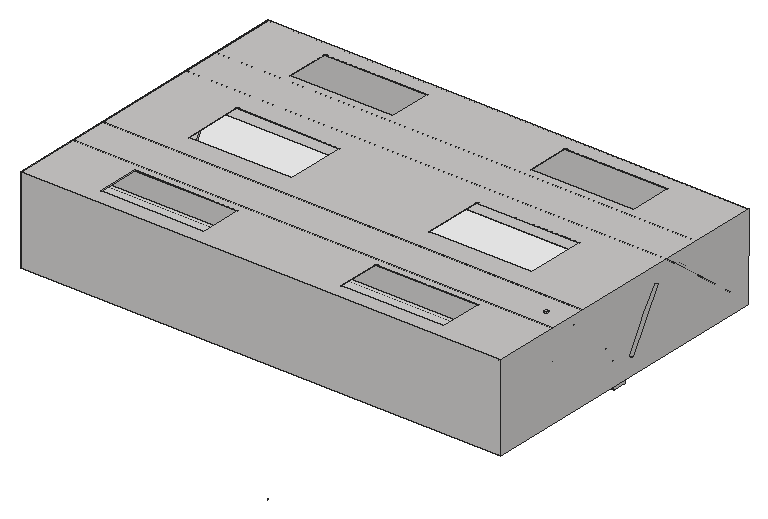
Revit family "QF_ELECTROLUXPROFESSIONAL_640236_STCF1828", category Attrezzature speciali, Revit 2021
Family settings
  Quota connettore circolare = Usa diametro
  Tipo di parte = Normale
  Basato su piano di lavoro = No
  Sempre verticale = Sì
  Taglio con vuoti quando caricato = No
  Condiviso = No
  Punto di calcolo locali = No
Parameters (values of type "Standard")
  Weight = 214.00 kg
  Watts = 480 W
  Volts = 220 V
  URL Manufacturer = "https://www.electroluxprofessional.com/"
  URL = "https://www.electroluxprofessional.com/"
  Steam Supply Size = 0 mm
  Steam Supply Minimum Pressure = 0.0 Pa
  Steam Supply Maximum Pressure = 0.0 Pa
  Steam Consumption per Hour = 0
  Refrigeration Suction Line Size = 0 mm
  Refrigeration Liquid Line Size = 0 mm
  Refrigerant Compressor Remote = yes
  Prospetto di default = 0 mm
  Produttore = "Electrolux Professional"
  Phase = 1
  Modello = "STCF1828"
  Length Actual = 2800 mm  # constant formula
  Item Number = "640236"
  Hot Water Size = 0 mm
  Height Actual = 500 mm  # constant formula
  HP = "0.6 HP"
  Gas Size = 0 mm
  Gas KW = 0
  Gas Input Pressure = 0 W
  Direct Waste Size = 0 mm
  Descrizione = "304 S/S ISLAND HOOD+FILT.+LAMPS 280X180"
  Depth Actual = 1800 mm  # constant formula
  Cycle = 50 Hz
  Condensate Return Size = 0 mm
  Compressed Air Volume = 0.0 L/s
  Compressed Air Size = 0 mm
  Compressed Air Pressure = 0.0 Pa
  Cold Water Size = 0 mm
  Accessory = yes
Reference planes
  plane 1: z = 0
  plane 2 "Center (Left/Right)": x = 150
  plane 3 "LEFT": x = -1250
  plane 4 "RIGHT": x = 1550
  plane 5 "BACK": y = 550
  plane 6 "TOP": z = 2500
  plane 7 "Base": z = 2000
  plane 8: z = 1955
  plane 9: x = -1247
  plane 10 "DrainX": x = 1430
  plane 11 "AOLeft2": x = -250
  plane 12 "AORight1": x = 550
  plane 13: x = 1547
  plane 14: x = -1050
  plane 15: x = 1350
  plane 16 "Center (Front/Back)": y = -350
  plane 17 "Front": y = -1250
  plane 18 "AOLeft1": x = -850
  plane 19 "AORight2": x = 1150
  plane 20 "EI_y": y = -770
  plane 21 "EIx": x = 1430
  plane 22: y = 464
  plane 23: y = 214
  plane 24: y = -1164
  plane 25: y = -914
  plane 26: y = -175
  plane 27: y = -525
Forms (mm)
  Extrusion 1, solid, material "QF_Finishes_Stainless Steel"
    sketch origin (-1250, 0, 360) x (0, 1, 0) y (0, 0, 1)
      loop
        line (550, 1640) -> (550, 2140) -> (-1250, 2140) -> (-1250, 1640) -> (550, 1640)
    from 0 to 3
  Extrusion 2, solid, material "QF_Finishes_Stainless Steel"
    sketch origin (1550, 0, 360) x (0, 1, 0) y (0, 0, 1)
      loop
        line (550, 1640) -> (550, 2140) -> (-1250, 2140) -> (-1250, 1640) -> (550, 1640)
    from 0 to -3
  Extrusion 3, solid, material "QF_Finishes_Stainless Steel"
    sketch origin (150, 0, 360) x (0, 1, 0) y (0, 0, 1)
      loop
        line (-1250, 2140) -> (-1250, 1640) -> (-1240, 1640) -> (-1240, 1640.8) -> (-1249.2, 1640.8) -> (-1249.2, 2139.19) -> (549.2, 2139.19) -> (549.2, 1640.8) -> (540, 1640.8) -> (540, 1640) -> (550, 1640) -> (550, 2140) -> (-1250, 2140)
    from -1400 to 1400
  Extrusion 4, solid, material "QF_Finishes_Stainless Steel"
    sketch origin (0, -840, 2000) x (0, 1, 0) y (-1, 0, 0)
      loop
        circle (490, -1430) r 4.763
    from -30 to 0
  Extrusion 5, void
    sketch origin (0, 0, 2500) x (0, 1, 0) y (-1, 0, 0)
      loop
        line (-1164, 250) -> (-914, 250) -> (-914, 850) -> (-1164, 850) -> (-1164, 250)
    from 0 to -10
  Extrusion 6, solid, material "QF_Finishes_Stainless Steel"
    sketch origin (0, 0, 0) x (1, 0, 0) y (0, 1, 0)
      loop
        line (-1250, 550) -> (-1250, 549) -> (-1249, 549) -> (-1249, 550) -> (-1250, 550)
    from 0 to 1
  Sweep 7, solid, material "QF_Finishes_Stainless Steel"
    path origin (0, 0, 0) x (1, 0, 0) y (0, 1, 0)
      loop
        line (1550, 550) -> (-1250, 550) -> (-1250, -1250) -> (1550, -1250) -> (1550, 550)
    profile origin (1550, -350, 0) x (1, 0, 0) y (0, 0, 1)
      loop
        line (-3, 2000) -> (-3, 2000.8) -> (-19, 2000.8) -> (-19, 2010) -> (-20, 2010) -> (-20, 2000) -> (-3, 2000)
  Extrusion 8, solid, material "QF_Finishes_Stainless Steel"
    sketch origin (150, -826.94, 0) x (0, 1, 0) y (0, 0, 1)
      loop
        line (414.66, 2095.469) -> (440.643, 2110.471) -> (261.744, 2411.771) -> (235.948, 2396.455) -> (414.66, 2095.469)
    from -1397 to -1200
  Extrusion 9, void
    sketch origin (1134.605, 0, 2500) x (0, 1, 0) y (-1, 0, 0)
      loop
        line (-1164, -15.395) -> (-914, -15.395) -> (-914, 584.605) -> (-1164, 584.605) -> (-1164, -15.395)
    from 0 to -10
  Extrusion 10, solid, material "QF_Finishes_Stainless Steel"
    sketch origin (1430, -840, 0) x (0, 1, 0) y (0, 0, 1)
      loop
        line (539, 2000) -> (441, 2000) -> (441, 1989) -> (448.5, 1989) -> (448.5, 1965)
        arc (448.5, 1965) -> (451.429, 1957.929) -> (458.5, 1955) r 10
        line (458.5, 1955) -> (521.5, 1955)
        arc (521.5, 1955) -> (528.571, 1957.929) -> (531.5, 1965) r 10
        line (531.5, 1965) -> (531.5, 1989) -> (539, 1989) -> (539, 2000)
    from 90 to -90
  Extrusion 11, solid, material "QF_Finishes_Stainless Steel"
    sketch origin (150, -826.94, 0) x (0, 1, 0) y (0, 0, 1)
      loop
        line (414.66, 2095.469) -> (440.643, 2110.471) -> (261.744, 2411.771) -> (235.948, 2396.455) -> (414.66, 2095.469)
    from 1200 to 1397
  Extrusion 12, solid, material "QF_Finished_Chrome"
    sketch origin (150, -826.94, 0) x (0, 1, 0) y (0, 0, 1)
      loop
        line (414.66, 2095.469) -> (440.643, 2110.471) -> (261.744, 2411.771) -> (235.948, 2396.455) -> (414.66, 2095.469)
    from -1200 to 1200
  Extrusion 13, void
    sketch origin (0, 1180, 2500) x (0, 1, 0) y (-1, 0, 0)
      loop
        line (-1355, 250) -> (-1355, 850) -> (-1705, 850) -> (-1705, 250) -> (-1355, 250)
    from 0 to -10
  Extrusion 14, void
    sketch origin (1600, 1180, 2500) x (0, 1, 0) y (-1, 0, 0)
      loop
        line (-1355, 450) -> (-1355, 1050) -> (-1705, 1050) -> (-1705, 450) -> (-1355, 450)
    from 0 to -10
  Extrusion 15, solid, material "QF_Finishes_Stainless Steel"
    sketch origin (0, 0, 2500) x (0, 1, 0) y (-1, 0, 0)
      loop
        circle (-770, -1430) r 10
    from 0 to 1.6
  Extrusion 16, solid, material "QF_Finishes_Stainless Steel"
    sketch origin (150, -826.94, 360) x (0, 1, 0) y (0, 0, 1)
      loop
        line (430.005, 1640) -> (476.94, 1640) -> (476.94, 1640.8) -> (430.467, 1640.8) -> (371.906, 1742.23) -> (414.858, 1734.657) -> (442.266, 1750.481) -> (442.266, 1765.943) -> (441.466, 1765.943) -> (441.466, 1750.943) -> (414.709, 1735.495) -> (321.153, 1751.991) -> (320.875, 1750.416) -> (371.4, 1741.507) -> (430.005, 1640)
      loop
        line (172.529, 2139.19) -> (242.893, 2017.316) -> (245.133, 2018.715) -> (240.13, 2027.381) -> (238.569, 2026.405) -> (173.453, 2139.19) -> (172.529, 2139.19)
    from -1397 to 1397
  Extrusion 17, solid, material "QF_LAMPS"
    sketch origin (150, 0, 360) x (0, 1, 0) y (0, 0, 1)
      loop
        line (-872.823, 1962.324) -> (-718.948, 2086.929) -> (-727.129, 2097.032) -> (-881.003, 1972.426) -> (-872.823, 1962.324)
    from 1397 to -1397
  Extrusion 18, solid, material "QF_Finishes_Stainless Steel"
    sketch origin (150, 0, 360) x (0, 1, 0) y (0, 0, 1)
      loop
        line (-1250, 2139.19) -> (-1250, 1640) -> (-1186.602, 1640) -> (-1099.146, 1690.493) -> (-1110.058, 1709.394) -> (-1166.564, 1676.77) -> (-1214.704, 1680.982) -> (-1249.2, 1730.248) -> (-1249.2, 2139.19) -> (-1250, 2139.19)
      loop
        line (-873.6, 1961.694) -> (-881.937, 1971.99) -> (-869.095, 1982.182) -> (-869.095, 2139.19) -> (-869.895, 2139.19) -> (-869.895, 1982.569) -> (-1182.298, 1734.63) -> (-1171.091, 1720.79) -> (-873.6, 1961.694)
      loop
        line (-727.61, 2099.216) -> (-718.171, 2087.559) -> (-654.411, 2139.19) -> (-655.682, 2139.19) -> (-718.052, 2088.684) -> (-726.989, 2099.719) -> (-727.61, 2099.216)
    from -1397 to 1397
  Extrusion 19, solid, material "QF_Finishes_Stainless Steel"
    sketch origin (150, 126.94, 360) x (0, -1, 0) y (0, 0, -1)
      loop
        line (430.005, -1640) -> (371.4, -1741.507) -> (320.875, -1750.416) -> (321.153, -1751.991) -> (414.709, -1735.495) -> (441.466, -1750.943) -> (441.466, -1765.943) -> (442.266, -1765.943) -> (442.266, -1750.481) -> (414.858, -1734.657) -> (371.906, -1742.23) -> (430.467, -1640.8) -> (476.94, -1640.8) -> (476.94, -1640) -> (430.005, -1640)
      loop
        line (172.529, -2139.19) -> (173.453, -2139.19) -> (238.569, -2026.405) -> (240.13, -2027.381) -> (245.133, -2018.715) -> (242.893, -2017.316) -> (172.529, -2139.19)
    from -1397 to 1397
  Extrusion 20, solid, material "QF_LAMPS"
    sketch origin (150, -700, 360) x (0, -1, 0) y (0, 0, -1)
      loop
        line (-872.823, -1962.324) -> (-881.003, -1972.426) -> (-727.129, -2097.032) -> (-718.948, -2086.929) -> (-872.823, -1962.324)
    from 1397 to -1397
  Extrusion 21, solid, material "QF_Finishes_Stainless Steel"
    sketch origin (150, -700, 360) x (0, -1, 0) y (0, 0, -1)
      loop
        line (-1250, -2139.19) -> (-1249.2, -2139.19) -> (-1249.2, -1730.248) -> (-1214.704, -1680.982) -> (-1166.564, -1676.77) -> (-1110.058, -1709.394) -> (-1099.146, -1690.493) -> (-1186.602, -1640) -> (-1250, -1640) -> (-1250, -2139.19)
      loop
        line (-873.6, -1961.694) -> (-1171.091, -1720.79) -> (-1182.298, -1734.63) -> (-869.895, -1982.569) -> (-869.895, -2139.19) -> (-869.095, -2139.19) -> (-869.095, -1982.182) -> (-881.937, -1971.99) -> (-873.6, -1961.694)
      loop
        line (-727.61, -2099.216) -> (-726.989, -2099.719) -> (-718.052, -2088.684) -> (-655.682, -2139.19) -> (-654.411, -2139.19) -> (-718.171, -2087.559) -> (-727.61, -2099.216)
    from -1397 to 1397
  Extrusion 22, solid, material "QF_Finishes_Stainless Steel"
    sketch origin (150, 126.94, 0) x (0, -1, 0) y (0, 0, -1)
      loop
        line (414.66, -2095.469) -> (235.948, -2396.455) -> (261.744, -2411.771) -> (440.643, -2110.471) -> (414.66, -2095.469)
    from -1397 to -1400
  Extrusion 23, solid, material "QF_Finishes_Stainless Steel"
    sketch origin (150, 126.94, 0) x (0, -1, 0) y (0, 0, -1)
      loop
        line (414.66, -2095.469) -> (235.948, -2396.455) -> (261.744, -2411.771) -> (440.643, -2110.471) -> (414.66, -2095.469)
    from 1400 to 1397
  Extrusion 24, solid, material "QF_Finished_Chrome"
    sketch origin (150, 126.94, 0) x (0, -1, 0) y (0, 0, -1)
      loop
        line (414.66, -2095.469) -> (235.948, -2396.455) -> (261.744, -2411.771) -> (440.643, -2110.471) -> (414.66, -2095.469)
    from -1200 to 1200
  Extrusion 25, void
    sketch origin (0, 814, 2500) x (0, 1, 0) y (-1, 0, 0)
      loop
        line (-600, 250) -> (-350, 250) -> (-350, 850) -> (-600, 850) -> (-600, 250)
    from 0 to -10
  Extrusion 26, void
    sketch origin (1134.605, 814, 2500) x (0, 1, 0) y (-1, 0, 0)
      loop
        line (-600, -15.395) -> (-350, -15.395) -> (-350, 584.605) -> (-600, 584.605) -> (-600, -15.395)
    from 0 to -10
  Extrusion 27, solid, material "QF_Finishes_Stainless Steel"
    sketch origin (150, 126.94, 0) x (0, -1, 0) y (0, 0, -1)
      loop
        line (414.66, -2095.469) -> (235.948, -2396.455) -> (261.744, -2411.771) -> (440.643, -2110.471) -> (414.66, -2095.469)
    from -1397 to -1200
  Extrusion 28, solid, material "QF_Finishes_Stainless Steel"
    sketch origin (150, 126.94, 0) x (0, -1, 0) y (0, 0, -1)
      loop
        line (414.66, -2095.469) -> (235.948, -2396.455) -> (261.744, -2411.771) -> (440.643, -2110.471) -> (414.66, -2095.469)
    from 1397 to 1200
Cuts and joins
  Extrusion 5, Extrusion 9, Extrusion 13, Extrusion 14, Extrusion 25, Extrusion 26 cuts Extrusion 3
  joined: Extrusion 2, Extrusion 3, Sweep 7
Lines and regions (mm)
  symbolic lines, style "SpecialityEquipment", detail levels coarse
    curve 1: line (1550, 550, 2500) -> (-1250, 550, 2500)
    curve 2: line (-1250, 550, 2500) -> (-1250, -1250, 2500)
    curve 3: line (1550, -1250, 2500) -> (1550, 550, 2500)
    curve 4: line (-1250, 550, 0) -> (1550, -1250, 0)
    curve 5: line (1550, 550, 0) -> (-1250, -1250, 0)
    curve 6: line (-1250, -1250, 0) -> (1550, -1250, 0)
  symbolic lines, detail levels coarse
    curve 7: line (-850, 464, 2500) -> (-250, 464, 2500)
    curve 8: line (-850, 214, 2500) -> (-850, 464, 2500)
    curve 9: line (-250, 214, 2500) -> (-850, 214, 2500)
    curve 10: line (-250, 464, 2500) -> (-250, 214, 2500)
    curve 11: line (550, 464, 2500) -> (1150, 464, 2500)
    curve 12: line (550, 214, 2500) -> (550, 464, 2500)
    curve 13: line (1150, 214, 2500) -> (550, 214, 2500)
    curve 14: line (1150, 464, 2500) -> (1150, 214, 2500)
    curve 15: line (550, -175, 2500) -> (1150, -175, 2500)
    curve 16: line (550, -525, 2500) -> (550, -175, 2500)
    curve 17: line (1150, -525, 2500) -> (550, -525, 2500)
    curve 18: line (1150, -175, 2500) -> (1150, -525, 2500)
    curve 19: line (550, -914, 2500) -> (1150, -914, 2500)
    curve 20: line (550, -1164, 2500) -> (550, -914, 2500)
    curve 21: line (1150, -1164, 2500) -> (550, -1164, 2500)
    curve 22: line (1150, -914, 2500) -> (1150, -1164, 2500)
    curve 23: line (-850, -914, 2500) -> (-250, -914, 2500)
    curve 24: line (-850, -1164, 2500) -> (-850, -914, 2500)
    curve 25: line (-250, -1164, 2500) -> (-850, -1164, 2500)
    curve 26: line (-250, -914, 2500) -> (-250, -1164, 2500)
    curve 27: line (-850, -175, 2500) -> (-250, -175, 2500)
    curve 28: line (-850, -525, 2500) -> (-850, -175, 2500)
    curve 29: line (-250, -525, 2500) -> (-850, -525, 2500)
    curve 30: line (-250, -175, 2500) -> (-250, -525, 2500)
Dimensions and locks
  plane 3 "LEFT" to plane 4 "RIGHT" = 2800 mm
  equal spacing: plane 3 "LEFT", plane 2 "Center (Left/Right)", plane 4 "RIGHT"
  plane 7 "Base" to plane 8 = 45 mm
  plane 3 "LEFT" to plane 9 = 3 mm
  plane 10 "DrainX" to plane 4 "RIGHT" = 120 mm
  plane 13 to plane 4 "RIGHT" = 3 mm
  plane 3 "LEFT" to plane 14 = 200 mm
  plane 15 to plane 4 "RIGHT" = 200 mm
  locked: plane 11 "AOLeft2" to plane 12 "AORight1" at 800
  equal spacing: plane 11 "AOLeft2", plane 2 "Center (Left/Right)", plane 12 "AORight1"
  locked: plane 7 "Base" to level at 2000
  locked: plane 6 "TOP" to plane 7 "Base" at 500
  equal spacing: plane 5 "BACK", plane 16 "Center (Front/Back)", plane 17 "Front"
  locked: plane 18 "AOLeft1" to plane 11 "AOLeft2" at 600
  locked: plane 12 "AORight1" to plane 19 "AORight2" at 600
  locked: plane 20 "EI_y" to plane 17 "Front" at 480
  locked: plane 21 "EIx" to plane 4 "RIGHT" at 120
  locked: plane 5 "BACK" to plane 22 at 86
  plane 22 to plane 23 = 250 mm
  locked: plane 24 to plane 17 "Front" at 86
  locked: plane 24 to plane 25 at 250
  plane 26 to plane 16 "Center (Front/Back)" = 175 mm
  plane 16 "Center (Front/Back)" to plane 27 = 175 mm
  locked: plane 5 "BACK" to plane 17 "Front" at 1800
  plane 5 "BACK" to plane 17 "Front" = 1800 mm
  plane 26 to plane 27 = 350 mm
  aligned and locked: level to plane 1
  aligned and locked: plane 4 "RIGHT" to Extrusion 3
  aligned and locked: Extrusion 3 to plane 3 "LEFT"
  aligned and locked: Extrusion 2 to plane 13
  aligned and locked: Extrusion 8 to plane 9
  aligned and locked: plane 18 "AOLeft1" to Extrusion 5
  aligned and locked: Extrusion 5 to plane 11 "AOLeft2"
  aligned and locked: Extrusion 9 to plane 19 "AORight2"
  aligned and locked: plane 12 "AORight1" to Extrusion 9
  aligned and locked: plane 14 to Extrusion 8
  aligned and locked: plane 15 to Extrusion 11
  aligned and locked: plane 13 to Extrusion 11
  aligned and locked: Extrusion 12 to plane 14
  aligned and locked: Extrusion 12 to plane 15
  aligned and locked: plane 12 "AORight1" to Extrusion 14
  aligned and locked: plane 19 "AORight2" to Extrusion 14
  aligned and locked: Extrusion 13 to plane 18 "AOLeft1"
  aligned and locked: Extrusion 13 to plane 11 "AOLeft2"
  aligned and locked: Extrusion 16 to plane 9
  aligned and locked: plane 13 to Extrusion 16
  aligned and locked: Extrusion 24 to plane 14
  aligned and locked: Extrusion 24 to plane 15
  aligned and locked: plane 24 to Extrusion 5
  aligned and locked: Extrusion 5 to plane 25
  aligned and locked: Extrusion 9 to plane 25
  aligned and locked: plane 24 to Extrusion 9
  aligned and locked: Extrusion 25 to plane 18 "AOLeft1"
  aligned and locked: Extrusion 25 to plane 11 "AOLeft2"
  aligned and locked: plane 12 "AORight1" to Extrusion 26
  aligned and locked: plane 19 "AORight2" to Extrusion 26
  aligned and locked: plane 26 to Extrusion 13
  aligned and locked: Extrusion 13 to plane 27
  aligned and locked: plane 26 to Extrusion 14
  aligned and locked: Extrusion 14 to plane 27
  aligned and locked: plane 22 to Extrusion 25
  aligned and locked: Extrusion 25 to plane 23
  aligned and locked: plane 22 to Extrusion 26
  aligned and locked: Extrusion 26 to plane 23
  aligned and locked: Extrusion 21 to plane 9
  aligned and locked: Extrusion 20 to plane 9
  aligned and locked: Extrusion 19 to plane 9
  aligned and locked: plane 9 to Extrusion 22
  aligned and locked: Extrusion 18 to plane 9
  aligned and locked: Extrusion 17 to plane 9
  aligned and locked: plane 13 to Extrusion 21
  aligned and locked: plane 13 to Extrusion 20
  aligned and locked: plane 13 to Extrusion 19
  aligned and locked: Extrusion 23 to plane 13
  aligned and locked: plane 13 to Extrusion 17
  aligned and locked: Extrusion 18 to plane 13
  aligned and locked: plane 14 to Extrusion 27
  aligned and locked: Extrusion 27 to plane 9
  aligned and locked: Extrusion 28 to plane 13
  aligned and locked: plane 15 to Extrusion 28
Automatic sketch dimensions
  curve 6 to plane 3 "LEFT" = 0 mm
  curve 4 to plane 3 "LEFT" = 0 mm
  curve 5 to plane 4 "RIGHT" = 0 mm
  curve 6 to plane 4 "RIGHT" = 0 mm
  curve 4 to plane 17 "Front" = 0 mm
  curve 5 to plane 5 "BACK" = 0 mm
  curve 4 to plane 5 "BACK" = 0 mm
  Extrusion 1 sketch curve to plane 7 "Base" = 0 mm
  Extrusion 1 sketch curve to plane 17 "Front" = 0 mm
  Extrusion 1 sketch curve to plane 5 "BACK" = 0 mm
  Extrusion 1 sketch curve to plane 6 "TOP" = 0 mm
  Extrusion 2 sketch curve to plane 7 "Base" = 0 mm
  Extrusion 2 sketch curve to plane 17 "Front" = 0 mm
  Extrusion 2 sketch curve to plane 5 "BACK" = 0 mm
  Extrusion 2 sketch curve to plane 6 "TOP" = 0 mm
  Extrusion 3 sketch curve to plane 6 "TOP" = 0 mm
  Extrusion 3 sketch curve to plane 17 "Front" = 0 mm
  Extrusion 3 sketch curve to plane 7 "Base" = 0 mm  (x2)
  Extrusion 3 sketch curve to plane 5 "BACK" = 0 mm
  plane 17 "Front" to Extrusion 3 sketch curve = 0.8 mm
  Extrusion 3 sketch curve to Extrusion 3 sketch curve = 9.2 mm
  plane 7 "Base" to Extrusion 3 sketch curve = 0.8 mm  (x2)
  Extrusion 3 sketch curve to plane 5 "BACK" = 10 mm
  Extrusion 3 sketch curve to plane 5 "BACK" = 0.8 mm
  Extrusion 3 sketch curve to plane 6 "TOP" = 0.81 mm
  Extrusion 4 sketch curve to plane 10 "DrainX" = 0 mm
  Extrusion 4 sketch curve to plane 16 "Center (Front/Back)" = 0 mm
  Extrusion 5 sketch curve to plane 18 "AOLeft1" = 0 mm
  plane 24 to Extrusion 5 sketch curve = 0 mm
  Extrusion 5 sketch curve to plane 11 "AOLeft2" = 0 mm
  plane 25 to Extrusion 5 sketch curve = 0 mm
  Extrusion 6 sketch curve to plane 3 "LEFT" = 0 mm
  Extrusion 6 sketch curve to plane 5 "BACK" = 0 mm
  plane 3 "LEFT" to Extrusion 6 sketch curve = 1 mm
  Extrusion 6 sketch curve to Extrusion 6 sketch curve = 1 mm
  Sweep 7 sketch curve to plane 3 "LEFT" = 0 mm
  Sweep 7 sketch curve to plane 4 "RIGHT" = 0 mm
  Sweep 7 sketch curve to plane 17 "Front" = 0 mm
  Sweep 7 sketch curve to plane 5 "BACK" = 0 mm
  profile plane to Sweep 7 sketch curve = 20 mm
  Sweep 7 sketch curve to Sweep 7 sketch curve = 1 mm
  profile plane to Sweep 7 sketch curve = 3 mm
  level to Sweep 7 sketch curve = 2000 mm
  Sweep 7 sketch curve to Sweep 7 sketch curve = 0.8 mm
  Sweep 7 sketch curve to Sweep 7 sketch curve = 9.2 mm
  Extrusion 8 sketch curve to plane 27 = 65.992 mm
  Extrusion 8 sketch curve to Extrusion 8 sketch curve = 25.795 mm
  Extrusion 8 sketch curve to plane 16 "Center (Front/Back)" = 62.28 mm
  Extrusion 8 sketch curve to Extrusion 8 sketch curve = 25.983 mm
  plane 7 "Base" to Extrusion 8 sketch curve = 95.469 mm
  Extrusion 8 sketch curve to Extrusion 8 sketch curve = 15.001 mm
  Extrusion 8 sketch curve to plane 6 "TOP" = 103.545 mm
  Extrusion 8 sketch curve to Extrusion 8 sketch curve = 15.316 mm
  Extrusion 9 sketch curve to plane 12 "AORight1" = 0 mm
  plane 24 to Extrusion 9 sketch curve = 0 mm
  Extrusion 9 sketch curve to plane 19 "AORight2" = 0 mm
  plane 25 to Extrusion 9 sketch curve = 0 mm
  Extrusion 10 sketch curve to plane 8 = 0 mm
  Extrusion 10 sketch curve to plane 7 "Base" = 11 mm  (x2)
  Extrusion 10 sketch curve to plane 16 "Center (Front/Back)" = 49 mm
  Extrusion 10 sketch curve to Extrusion 10 sketch curve = 7.5 mm  (x2)
  Extrusion 10 sketch curve to Extrusion 10 sketch curve = 10 mm  (x2)
  plane 16 "Center (Front/Back)" to Extrusion 10 sketch curve = 31.5 mm
  plane 7 "Base" to Extrusion 10 sketch curve = 0 mm
  Extrusion 11 sketch curve to plane 27 = 65.992 mm
  Extrusion 11 sketch curve to Extrusion 11 sketch curve = 25.795 mm
  Extrusion 11 sketch curve to plane 16 "Center (Front/Back)" = 62.28 mm
  Extrusion 11 sketch curve to Extrusion 11 sketch curve = 25.983 mm
  plane 7 "Base" to Extrusion 11 sketch curve = 95.469 mm
  Extrusion 11 sketch curve to Extrusion 11 sketch curve = 15.001 mm
  Extrusion 11 sketch curve to plane 6 "TOP" = 103.545 mm
  Extrusion 11 sketch curve to Extrusion 11 sketch curve = 15.316 mm
  Extrusion 12 sketch curve to plane 27 = 65.992 mm
  Extrusion 12 sketch curve to Extrusion 12 sketch curve = 25.795 mm
  Extrusion 12 sketch curve to plane 16 "Center (Front/Back)" = 62.28 mm
  Extrusion 12 sketch curve to Extrusion 12 sketch curve = 25.983 mm
  plane 7 "Base" to Extrusion 12 sketch curve = 95.469 mm
  Extrusion 12 sketch curve to Extrusion 12 sketch curve = 15.001 mm
  Extrusion 12 sketch curve to plane 6 "TOP" = 103.545 mm
  Extrusion 12 sketch curve to Extrusion 12 sketch curve = 15.316 mm
  Extrusion 13 sketch curve to plane 11 "AOLeft2" = 0 mm
  Extrusion 13 sketch curve to plane 27 = 0 mm
  Extrusion 13 sketch curve to plane 26 = 0 mm
  Extrusion 13 sketch curve to plane 18 "AOLeft1" = 0 mm
  Extrusion 14 sketch curve to plane 19 "AORight2" = 0 mm
  Extrusion 14 sketch curve to plane 27 = 0 mm
  Extrusion 14 sketch curve to plane 26 = 0 mm
  Extrusion 14 sketch curve to plane 12 "AORight1" = 0 mm
  Extrusion 15 sketch curve to plane 20 "EI_y" = 0 mm
  Extrusion 15 sketch curve to plane 21 "EIx" = 0 mm
  Extrusion 16 sketch curve to plane 7 "Base" = 0 mm
  Extrusion 16 sketch curve to plane 6 "TOP" = 0.81 mm
  plane 20 "EI_y" to Extrusion 16 sketch curve = 115.589 mm
  Extrusion 16 sketch curve to Extrusion 16 sketch curve = 0.924 mm
  Extrusion 16 sketch curve to plane 27 = 63.371 mm
  Extrusion 16 sketch curve to Extrusion 16 sketch curve = 1.561 mm
  Extrusion 16 sketch curve to Extrusion 16 sketch curve = 4.324 mm
  Extrusion 16 sketch curve to Extrusion 16 sketch curve = 2.24 mm
  plane 27 to Extrusion 16 sketch curve = 18.935 mm
  Extrusion 16 sketch curve to Extrusion 16 sketch curve = 0.278 mm
  Extrusion 16 sketch curve to Extrusion 16 sketch curve = 50.525 mm
  Extrusion 16 sketch curve to Extrusion 16 sketch curve = 0.506 mm
  Extrusion 16 sketch curve to Extrusion 16 sketch curve = 42.803 mm
  Extrusion 16 sketch curve to Extrusion 16 sketch curve = 0.148 mm
  Extrusion 16 sketch curve to plane 16 "Center (Front/Back)" = 46.935 mm
  plane 7 "Base" to Extrusion 16 sketch curve = 0.8 mm
  Extrusion 16 sketch curve to Extrusion 16 sketch curve = 0.462 mm  (x2)
  Extrusion 16 sketch curve to Extrusion 16 sketch curve = 46.473 mm
  Extrusion 16 sketch curve to plane 16 "Center (Front/Back)" = 35.474 mm
  Extrusion 16 sketch curve to Extrusion 16 sketch curve = 0.8 mm
  plane 7 "Base" to Extrusion 16 sketch curve = 94.657 mm
  Extrusion 16 sketch curve to Extrusion 16 sketch curve = 0.838 mm
  Extrusion 16 sketch curve to Extrusion 16 sketch curve = 6.012 mm
  Extrusion 16 sketch curve to Extrusion 16 sketch curve = 0.723 mm
  Extrusion 16 sketch curve to Extrusion 16 sketch curve = 14.986 mm
  Extrusion 16 sketch curve to Extrusion 16 sketch curve = 15 mm
  Extrusion 16 sketch curve to plane 6 "TOP" = 122.684 mm
  Extrusion 16 sketch curve to Extrusion 16 sketch curve = 1.399 mm
  Extrusion 16 sketch curve to Extrusion 16 sketch curve = 9.089 mm
  Extrusion 16 sketch curve to Extrusion 16 sketch curve = 0.975 mm
  Extrusion 17 sketch curve to plane 25 = 32.997 mm
  Extrusion 17 sketch curve to Extrusion 17 sketch curve = 8.181 mm  (x2)
  plane 20 "EI_y" to Extrusion 17 sketch curve = 42.871 mm
  Extrusion 17 sketch curve to plane 6 "TOP" = 177.676 mm
  Extrusion 17 sketch curve to Extrusion 17 sketch curve = 10.102 mm
  Extrusion 17 sketch curve to plane 6 "TOP" = 53.071 mm
  Extrusion 17 sketch curve to Extrusion 17 sketch curve = 10.103 mm
  Extrusion 18 sketch curve to plane 7 "Base" = 0 mm
  Extrusion 18 sketch curve to plane 17 "Front" = 0 mm
  Extrusion 18 sketch curve to Extrusion 18 sketch curve = 0.8 mm  (x2)
  plane 17 "Front" to Extrusion 18 sketch curve = 35.296 mm
  plane 24 to Extrusion 18 sketch curve = 22.602 mm
  plane 24 to Extrusion 18 sketch curve = 18.298 mm
  plane 24 to Extrusion 18 sketch curve = 7.091 mm
  plane 24 to Extrusion 18 sketch curve = 2.564 mm
  Extrusion 18 sketch curve to plane 24 = 53.942 mm
  Extrusion 18 sketch curve to Extrusion 18 sketch curve = 10.912 mm
  Extrusion 18 sketch curve to plane 25 = 32.063 mm
  Extrusion 18 sketch curve to Extrusion 18 sketch curve = 8.337 mm
  Extrusion 18 sketch curve to Extrusion 18 sketch curve = 12.042 mm
  plane 20 "EI_y" to Extrusion 18 sketch curve = 42.39 mm
  Extrusion 18 sketch curve to Extrusion 18 sketch curve = 0.622 mm
  Extrusion 18 sketch curve to Extrusion 18 sketch curve = 9.44 mm
  Extrusion 18 sketch curve to Extrusion 18 sketch curve = 0.118 mm
  Extrusion 18 sketch curve to plane 6 "TOP" = 0.81 mm  (x3)
  Extrusion 18 sketch curve to Extrusion 18 sketch curve = 62.37 mm
  Extrusion 18 sketch curve to Extrusion 18 sketch curve = 1.271 mm
  plane 7 "Base" to Extrusion 18 sketch curve = 36.77 mm
  plane 7 "Base" to Extrusion 18 sketch curve = 40.982 mm
  plane 7 "Base" to Extrusion 18 sketch curve = 50.493 mm
  Extrusion 18 sketch curve to Extrusion 18 sketch curve = 18.901 mm
  Extrusion 18 sketch curve to Extrusion 18 sketch curve = 44.02 mm
  Extrusion 18 sketch curve to Extrusion 18 sketch curve = 49.266 mm
  Extrusion 18 sketch curve to Extrusion 18 sketch curve = 13.84 mm
  Extrusion 18 sketch curve to plane 6 "TOP" = 178.306 mm
  Extrusion 18 sketch curve to Extrusion 18 sketch curve = 10.296 mm
  Extrusion 18 sketch curve to Extrusion 18 sketch curve = 10.192 mm
  Extrusion 18 sketch curve to Extrusion 18 sketch curve = 0.386 mm
  Extrusion 18 sketch curve to plane 6 "TOP" = 52.441 mm
  Extrusion 18 sketch curve to Extrusion 18 sketch curve = 1.125 mm
  Extrusion 19 sketch curve to plane 7 "Base" = 0 mm
  plane 6 "TOP" to Extrusion 19 sketch curve = 0.81 mm
  Extrusion 19 sketch curve to plane 26 = 129.411 mm
  Extrusion 19 sketch curve to Extrusion 19 sketch curve = 0.924 mm
  Extrusion 19 sketch curve to plane 26 = 63.371 mm
  Extrusion 19 sketch curve to Extrusion 19 sketch curve = 1.561 mm
  Extrusion 19 sketch curve to Extrusion 19 sketch curve = 4.324 mm
  Extrusion 19 sketch curve to Extrusion 19 sketch curve = 2.24 mm
  plane 26 to Extrusion 19 sketch curve = 18.935 mm
  Extrusion 19 sketch curve to Extrusion 19 sketch curve = 0.278 mm
  Extrusion 19 sketch curve to Extrusion 19 sketch curve = 50.525 mm
  Extrusion 19 sketch curve to Extrusion 19 sketch curve = 0.506 mm
  Extrusion 19 sketch curve to Extrusion 19 sketch curve = 42.803 mm
  Extrusion 19 sketch curve to Extrusion 19 sketch curve = 0.148 mm
  Extrusion 19 sketch curve to plane 16 "Center (Front/Back)" = 46.935 mm
  Extrusion 19 sketch curve to plane 7 "Base" = 0.8 mm
  Extrusion 19 sketch curve to Extrusion 19 sketch curve = 0.462 mm  (x2)
  Extrusion 19 sketch curve to Extrusion 19 sketch curve = 46.473 mm
  Extrusion 19 sketch curve to plane 16 "Center (Front/Back)" = 35.474 mm
  Extrusion 19 sketch curve to Extrusion 19 sketch curve = 0.8 mm
  Extrusion 19 sketch curve to plane 7 "Base" = 94.657 mm
  Extrusion 19 sketch curve to Extrusion 19 sketch curve = 0.838 mm
  Extrusion 19 sketch curve to Extrusion 19 sketch curve = 6.012 mm
  Extrusion 19 sketch curve to Extrusion 19 sketch curve = 0.723 mm
  Extrusion 19 sketch curve to Extrusion 19 sketch curve = 14.986 mm
  Extrusion 19 sketch curve to Extrusion 19 sketch curve = 15 mm
  plane 6 "TOP" to Extrusion 19 sketch curve = 122.684 mm
  Extrusion 19 sketch curve to Extrusion 19 sketch curve = 1.399 mm
  Extrusion 19 sketch curve to Extrusion 19 sketch curve = 9.089 mm
  Extrusion 19 sketch curve to Extrusion 19 sketch curve = 0.975 mm
  plane 23 to Extrusion 20 sketch curve = 32.997 mm
  Extrusion 20 sketch curve to Extrusion 20 sketch curve = 8.181 mm  (x2)
  plane 6 "TOP" to Extrusion 20 sketch curve = 42.968 mm
  plane 23 to Extrusion 20 sketch curve = 186.871 mm
  plane 6 "TOP" to Extrusion 20 sketch curve = 53.071 mm
  plane 6 "TOP" to Extrusion 20 sketch curve = 167.574 mm
  Extrusion 20 sketch curve to Extrusion 20 sketch curve = 10.102 mm
  Extrusion 21 sketch curve to plane 5 "BACK" = 0 mm
  Extrusion 21 sketch curve to plane 7 "Base" = 0 mm
  Extrusion 21 sketch curve to Extrusion 21 sketch curve = 0.8 mm  (x2)
  plane 5 "BACK" to Extrusion 21 sketch curve = 35.296 mm
  Extrusion 21 sketch curve to plane 22 = 22.602 mm
  Extrusion 21 sketch curve to plane 22 = 18.298 mm
  Extrusion 21 sketch curve to plane 22 = 7.091 mm
  Extrusion 21 sketch curve to plane 22 = 2.564 mm
  plane 22 to Extrusion 21 sketch curve = 53.942 mm
  Extrusion 21 sketch curve to Extrusion 21 sketch curve = 10.912 mm
  plane 23 to Extrusion 21 sketch curve = 32.063 mm
  Extrusion 21 sketch curve to Extrusion 21 sketch curve = 8.337 mm
  Extrusion 21 sketch curve to Extrusion 21 sketch curve = 12.042 mm
  plane 6 "TOP" to Extrusion 21 sketch curve = 40.784 mm
  Extrusion 21 sketch curve to Extrusion 21 sketch curve = 141.485 mm
  plane 6 "TOP" to Extrusion 21 sketch curve = 40.281 mm
  Extrusion 21 sketch curve to Extrusion 21 sketch curve = 0.622 mm
  plane 6 "TOP" to Extrusion 21 sketch curve = 52.441 mm
  plane 6 "TOP" to Extrusion 21 sketch curve = 51.316 mm
  plane 6 "TOP" to Extrusion 21 sketch curve = 0.81 mm  (x3)
  Extrusion 21 sketch curve to Extrusion 21 sketch curve = 62.37 mm
  Extrusion 21 sketch curve to Extrusion 21 sketch curve = 1.271 mm
  Extrusion 21 sketch curve to plane 7 "Base" = 36.77 mm
  Extrusion 21 sketch curve to plane 7 "Base" = 40.982 mm
  Extrusion 21 sketch curve to plane 7 "Base" = 50.493 mm
  Extrusion 21 sketch curve to Extrusion 21 sketch curve = 18.901 mm
  Extrusion 21 sketch curve to Extrusion 21 sketch curve = 44.02 mm
  Extrusion 21 sketch curve to Extrusion 21 sketch curve = 49.266 mm
  Extrusion 21 sketch curve to Extrusion 21 sketch curve = 13.84 mm
  plane 6 "TOP" to Extrusion 21 sketch curve = 178.306 mm
  Extrusion 21 sketch curve to Extrusion 21 sketch curve = 10.296 mm
  Extrusion 21 sketch curve to Extrusion 21 sketch curve = 10.192 mm
  Extrusion 21 sketch curve to Extrusion 21 sketch curve = 0.386 mm
  Extrusion 22 sketch curve to plane 26 = 65.992 mm
  Extrusion 22 sketch curve to Extrusion 22 sketch curve = 25.795 mm
  Extrusion 22 sketch curve to plane 16 "Center (Front/Back)" = 62.28 mm
  Extrusion 22 sketch curve to Extrusion 22 sketch curve = 25.983 mm
  Extrusion 22 sketch curve to plane 7 "Base" = 95.469 mm
  Extrusion 22 sketch curve to Extrusion 22 sketch curve = 15.001 mm
  plane 6 "TOP" to Extrusion 22 sketch curve = 103.545 mm
  Extrusion 22 sketch curve to Extrusion 22 sketch curve = 15.316 mm
  Extrusion 23 sketch curve to plane 26 = 65.992 mm
  Extrusion 23 sketch curve to Extrusion 23 sketch curve = 25.795 mm
  Extrusion 23 sketch curve to plane 16 "Center (Front/Back)" = 62.28 mm
  Extrusion 23 sketch curve to Extrusion 23 sketch curve = 25.983 mm
  Extrusion 23 sketch curve to plane 7 "Base" = 95.469 mm
  Extrusion 23 sketch curve to Extrusion 23 sketch curve = 15.001 mm
  plane 6 "TOP" to Extrusion 23 sketch curve = 103.545 mm
  Extrusion 23 sketch curve to Extrusion 23 sketch curve = 15.316 mm
  Extrusion 24 sketch curve to plane 26 = 65.992 mm
  Extrusion 24 sketch curve to Extrusion 24 sketch curve = 25.795 mm
  Extrusion 24 sketch curve to plane 16 "Center (Front/Back)" = 62.28 mm
  Extrusion 24 sketch curve to Extrusion 24 sketch curve = 25.983 mm
  Extrusion 24 sketch curve to plane 7 "Base" = 95.469 mm
  Extrusion 24 sketch curve to Extrusion 24 sketch curve = 15.001 mm
  plane 6 "TOP" to Extrusion 24 sketch curve = 103.545 mm
  Extrusion 24 sketch curve to Extrusion 24 sketch curve = 15.316 mm
  Extrusion 25 sketch curve to plane 18 "AOLeft1" = 0 mm
  Extrusion 25 sketch curve to plane 23 = 0 mm
  Extrusion 25 sketch curve to plane 11 "AOLeft2" = 0 mm
  Extrusion 25 sketch curve to plane 22 = 0 mm
  Extrusion 26 sketch curve to plane 12 "AORight1" = 0 mm
  Extrusion 26 sketch curve to plane 23 = 0 mm
  Extrusion 26 sketch curve to plane 19 "AORight2" = 0 mm
  Extrusion 26 sketch curve to plane 22 = 0 mm
  Extrusion 27 sketch curve to plane 26 = 65.992 mm
  Extrusion 27 sketch curve to Extrusion 27 sketch curve = 25.795 mm
  Extrusion 27 sketch curve to plane 16 "Center (Front/Back)" = 62.28 mm
  Extrusion 27 sketch curve to Extrusion 27 sketch curve = 25.983 mm
  Extrusion 27 sketch curve to plane 7 "Base" = 95.469 mm
  Extrusion 27 sketch curve to Extrusion 27 sketch curve = 15.001 mm
  plane 6 "TOP" to Extrusion 27 sketch curve = 103.545 mm
  Extrusion 27 sketch curve to Extrusion 27 sketch curve = 15.316 mm
  Extrusion 28 sketch curve to plane 26 = 65.992 mm
  Extrusion 28 sketch curve to Extrusion 28 sketch curve = 25.795 mm
  Extrusion 28 sketch curve to plane 16 "Center (Front/Back)" = 62.28 mm
  Extrusion 28 sketch curve to Extrusion 28 sketch curve = 25.983 mm
  Extrusion 28 sketch curve to plane 7 "Base" = 95.469 mm
  Extrusion 28 sketch curve to Extrusion 28 sketch curve = 15.001 mm
  plane 6 "TOP" to Extrusion 28 sketch curve = 103.545 mm
  Extrusion 28 sketch curve to Extrusion 28 sketch curve = 15.316 mm
  curve 2 to plane 3 "LEFT" = 0 mm
  curve 2 to plane 17 "Front" = 0 mm
  curve 3 to plane 4 "RIGHT" = 0 mm
  curve 3 to plane 17 "Front" = 0 mm
  curve 20 to plane 12 "AORight1" = 0 mm
  plane 24 to curve 20 = 0 mm
  curve 24 to plane 18 "AOLeft1" = 0 mm
  plane 24 to curve 24 = 0 mm
  plane 25 to curve 24 = 0 mm
  plane 25 to curve 19 = 0 mm
  curve 29 to plane 11 "AOLeft2" = 0 mm
  curve 29 to plane 27 = 0 mm
  curve 17 to plane 12 "AORight1" = 0 mm
  curve 17 to plane 27 = 0 mm
  curve 16 to plane 26 = 0 mm
  curve 27 to plane 26 = 0 mm
  curve 12 to plane 12 "AORight1" = 0 mm
  curve 12 to plane 23 = 0 mm
  curve 10 to plane 11 "AOLeft2" = 0 mm
  curve 10 to plane 23 = 0 mm
  curve 8 to plane 18 "AOLeft1" = 0 mm
  curve 8 to plane 22 = 0 mm
  curve 11 to plane 22 = 0 mm
  curve 1 to plane 5 "BACK" = 0 mm
  curve 15 to plane 19 "AORight2" = 0 mm
  curve 22 to plane 19 "AORight2" = 0 mm
  curve 14 to plane 19 "AORight2" = 0 mm
  curve 26 to plane 11 "AOLeft2" = 0 mm
  curve 29 to plane 18 "AOLeft1" = 0 mm
  radius of Extrusion 4 sketch curve = 4.763 mm
  radius of Extrusion 15 sketch curve = 10 mm
Connectors
  piping at (1430, -350, 1970), diameter 9.5
    settings: on Extrusion 4, index 1, connector inside diameter 609.6 mm, connector length 0 mm, flow factor 0, pipe flow 0.0 L/s, pressure drop 0.0 Pa, fitting loss kfactor 0, connector angle 0.00°, fixture units 0, engagement length 0 mm, angle of deflection 0.00°, flow configuration 1, flow direction 2, fitting loss method 0, system type 16, joint type 0, gender type 0, connector reference index -1, connector utility 0, adjustable connector no, is connector primary yes, connector description "Drain"
  hvac at (-550, -1039, 2500)
    settings: on Extrusion 5, index 2, duct flow 0.0 L/s, flow factor 0, pres drop 0.0 Pa, loss coef 0, conn angle 0.00°, conn width 250 mm, conn height 600 mm, conn diameter 609.6 mm, duct sys type 1, conn prof type 1, flow config 1, flow direction 1, loss method 0, conn ref index -1, conn util no, is conn primary yes, conn desc "AIR INLET"
  hvac at (850, -1039, 2500)
    settings: on Extrusion 9, index 3, duct flow 0.0 L/s, flow factor 0, pres drop 0.0 Pa, loss coef 0, conn angle 0.00°, conn width 250 mm, conn height 600 mm, conn diameter 609.6 mm, duct sys type 1, conn prof type 1, flow config 1, flow direction 1, loss method 0, conn ref index -1, conn util no, is conn primary no, conn desc "AIR INLET"
  hvac at (-550, -350, 2500)
    settings: on Extrusion 13, index 4, duct flow 0.0 L/s, flow factor 0, pres drop 0.0 Pa, loss coef 0, conn angle 0.00°, conn width 350 mm, conn height 600 mm, conn diameter 609.6 mm, duct sys type 3, conn prof type 1, flow config 1, flow direction 2, loss method 0, conn ref index -1, conn util no, is conn primary no, conn desc "EXHAUST OUTLET"
  hvac at (850, -350, 2500)
    settings: on Extrusion 14, index 5, duct flow 0.0 L/s, flow factor 0, pres drop 0.0 Pa, loss coef 0, conn angle 0.00°, conn width 350 mm, conn height 600 mm, conn diameter 609.6 mm, duct sys type 3, conn prof type 1, flow config 1, flow direction 2, loss method 0, conn ref index -1, conn util no, is conn primary no, conn desc "EXHAUST OUTLET"
  electrical at (1430, -770, 2501.6), driven by "Volts"
    settings: on Extrusion 15, index 6, voltage 220 V, apparent load 0 VA, apparent load phase1 0 VA, apparent load phase2 0 VA, apparent load phase3 0 VA, power factor 1, load classification "Other", number of poles 1, system type 30, power factor state 1, is connector primary yes, connector utility no, sub classification motor no, connector description "Electrical Connection"
  hvac at (-550, 339, 2500)
    settings: on Extrusion 25, index 7, duct flow 0.0 L/s, flow factor 0, pres drop 0.0 Pa, loss coef 0, conn angle 0.00°, conn width 250 mm, conn height 600 mm, conn diameter 609.6 mm, duct sys type 1, conn prof type 1, flow config 1, flow direction 1, loss method 0, conn ref index -1, conn util no, is conn primary no, conn desc "AIR INLET"
  hvac at (850, 339, 2500)
    settings: on Extrusion 26, index 8, duct flow 0.0 L/s, flow factor 0, pres drop 0.0 Pa, loss coef 0, conn angle 0.00°, conn width 250 mm, conn height 600 mm, conn diameter 609.6 mm, duct sys type 1, conn prof type 1, flow config 1, flow direction 1, loss method 0, conn ref index -1, conn util no, is conn primary no, conn desc "AIR INLET"
